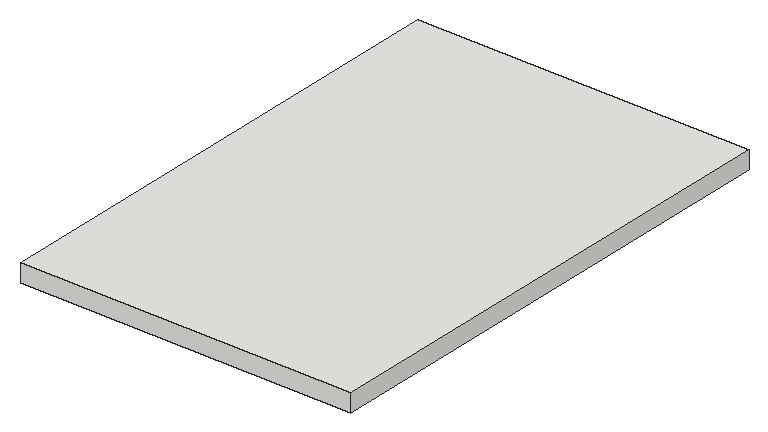
Revit family "SURVIVOR160xxWSxxxESGS0650x", category Oprawy oświetleniowe, Revit 2019
Family settings
  Obiekt nadrzędny = Powierzchnia
  Wymiar okrągłego złącza = Użyj średnicy
  Typ części = Normalny
  Numer OmniClass = 23.80.70.11
  Tytuł OmniClass = Luminaries for Internal Lighting
  Tnij formami wycięć po wczytaniu = Nie
  Źródło światła = Tak
  Współdzielony = Nie
  Punkt obliczania pomieszczeń = Nie
Parameters (values of type "SURVIVOR160NDWS840ESGS0700-RF")
  width = 240 mm  # constant formula
  weight = "13,2"
  voltage type (AC, DC, UC) = "AC"
  rated input power = 42
  product name = "SURVIVOR160NDWS840ESGS0700-RF"
  nominal voltage = "230"
  nominal frequency = "50-60Hz"
  length = 1600 mm  # constant formula
  ingress protection (IP) code = "IP65"
  height = 73 mm  # constant formula
  electrical safety class = "1"
  control gear = ""
  conformity mark = "CE"  # constant formula
  brand = "RIDI"
  approval mark = ""
  built-in parameter 1150104 = 13.8 (stored number, unit not read)
  Wattage = 49.9522 W
  Emituj z szerokości prostokąta = 1528 mm
  Emituj z długości prostokąta = 181 mm  # constant formula
  Default Elevation = 0 mm
  built-in parameter 1150113 = 1 (stored number, unit not read)
  built-in parameter 1114218 = 1 (stored number, unit not read)
  URL = "www.ridi.de"
  built-in parameter 1150134 = 12
  built-in parameter 1150109 = 1 (stored number, unit not read)
  built-in parameter 1150110 = 1 (stored number, unit not read)
  Apparent Load = 42 VA
  Tilt Angle = 90.00°
  Model = "0622247//420"
  built-in parameter 1114217 = 1 (stored number, unit not read)
  built-in parameter 1150139 = (empty or 0)
  built-in parameter 1150105 = 590.46 (stored number, unit not read)
  built-in parameter 1150114 = 1 (stored number, unit not read)
  Lumens = 7420 lm
  built-in parameter 1150115 = 1 (stored number, unit not read)
  built-in parameter 1150112 = 1 (stored number, unit not read)
  Lampa = "LED"
  Producent = "RIDI Leuchten GmbH"  # constant formula
  Dimming Lamp Color Temperature Shift = (empty or 0)
  Color Filter = 16777215
  built-in parameter 1150133 = 10 (stored number, unit not read)
  Emit Shape Visible in Rendering = no
  built-in parameter 1150137 = (empty or 0)
  built-in parameter 1150132 = 2
  Plik sieci fotometrycznej = "SURVIVOR_ESGS.IES"
  Copyright = "© RIDI. All rights reserved."  # constant formula
  built-in parameter 1150106 = 5.9046 (stored number, unit not read)
  Kod zespołu = "D5020200"
  built-in parameter 1150107 = 4000 (stored number, unit not read)
  built-in parameter 1150102 = (empty or 0)
  built-in parameter 1150138 = (empty or 0)
Types (5, lengths in mm): name | rated input power | product name | Wattage | built-in parameter 1150134 | Apparent Load | Model | built-in parameter 1150105 | Lumens | built-in parameter 1150106 | built-in parameter 1150107
  (no name) | 42 | "SURVIVOR160NDWS840ESGS0700-RF" | 49.9522 W | 12 | 42 VA | "0622247//420" | 590.46 (stored number, unit not read) | 7420 lm | 5.9046 (stored number, unit not read) | 4000 (stored number, unit not read)
  SURVIVOR160DAWS830ESGS0650 | 43 | "SURVIVOR160DAWS830ESGS0650" | 47.4613 W | (empty or 0) | 43 VA | "0632243" | 561.02 (stored number, unit not read) | 7050 lm | 5.6102 (stored number, unit not read) | 3000 (stored number, unit not read)
  SURVIVOR160NDWS830ESGS0650-RF | 42 | "SURVIVOR160NDWS830ESGS0650-RF" | 47.394 W | (empty or 0) | 42 VA | "0622243//420" | 2518.5 (stored number, unit not read) | 7040 lm | 25.185 (stored number, unit not read) | 3000 (stored number, unit not read)
  SURVIVOR160DAWS840ESGS0700 | 43 | "SURVIVOR160DAWS840ESGS0700" | 49.9522 W | 12 | 43 VA | "0632247" | 590.46 (stored number, unit not read) | 7420 lm | 5.9046 (stored number, unit not read) | 4000 (stored number, unit not read)
  SURVIVOR160NDWS840ESGS0700-RF | 42 | "SURVIVOR160NDWS840ESGS0700-RF" | 49.9522 W | 12 | 42 VA | "0622247//420" | 590.46 (stored number, unit not read) | 7420 lm | 5.9046 (stored number, unit not read) | 4000 (stored number, unit not read)
Reference planes
  plane 1 "Mitte (Vorne/hinten)": y = 0
  plane 2: z = 0
  plane 3 "Mitte (Links/rechts)": x = 0
Forms (mm)
  Extrusion 1, solid
    sketch origin (219.2, 280.8, 0) x (1, 0, 0) y (0, 1, 0)
      loop
        line (-1219.2, 1219.2) -> (-1219.2, -1780.8) -> (780.8, -1780.8) -> (780.8, 1219.2) -> (-1219.2, 1219.2)
    from 0 to -107.307
Dimensions and locks
  locked: imposter light to import instance at 24
  aligned and locked: plane 2 to Extrusion 1
  aligned and locked: level to Extrusion 1
  aligned and locked: import instance to Extrusion 1
Connectors
  electrical at (53.526, -789.759, 2.275), driven by "Apparent Load"
    settings: on import instance, index 1, voltage 230 V, apparent load 0 VA, apparent load phase1 42 VA, apparent load phase2 0 VA, apparent load phase3 0 VA, power factor 1, load classification "Lighting", number of poles 1, system type 31, power factor state 1, is connector primary yes, connector utility no, sub classification motor no, connector description ""
